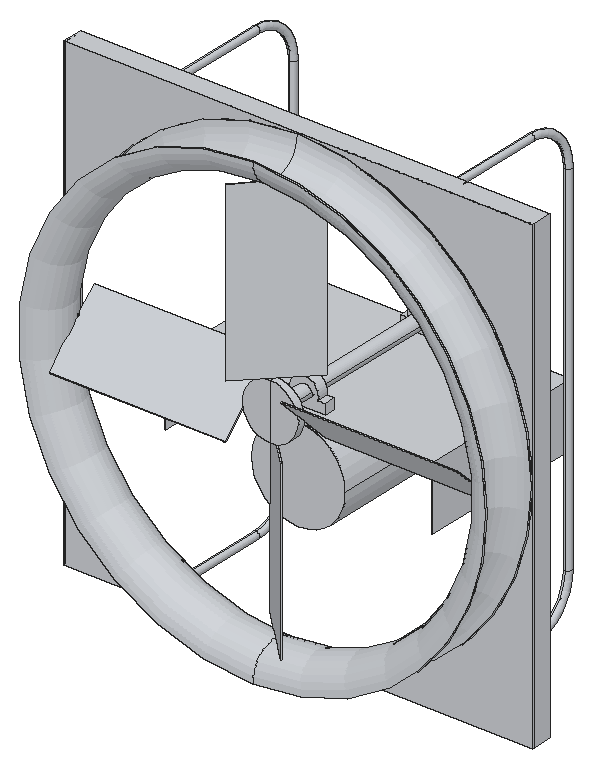
Revit family "XLWH_SUPPLY", category Mechanical Equipment, Revit 2019
Family settings
  Round Connector Dimension = Use Diameter
  Part Type = Normal
  Work Plane-Based = No
  Always vertical = Yes
  Cut with Voids When Loaded = No
  Shared = No
  Room Calculation Point = No
Parameters (values of type "60_XLWH_SUPPLY")
  Unit Weight [instance] = ""
  Sones [instance] = ""
  SIZE/2 = SIZE / 2  # 2' - 8 15/16"
  SIZE = D - 0' 0 1/8"  # 5' - 5 7/8"
  Motor RPM [instance] = ""
  Motor Enclosure [instance] = ""
  ModelID [instance] = ""
  MOTOR = D / 10  # 0' - 6.6"
  LwA [instance] = ""
  Fan RPM [instance] = ""
  D/2 = D / 2  # 2' - 9"
  D = 5' - 6"
  E/2 = E / 2  # 0' - 1 1/2"
  E = 0' - 3"
  C/2 = C / 2  # 0' - 3 15/16"
  C = 0' - 7 7/8"
  B/4 = B / 4  # 0' - 6 37/64"
  B/2 = B / 2  # 1' - 1 5/32"
  B = 2' - 2 5/16"
  Accessories [instance] = ""
  A/7 = A / 7  # 0' - 9.45536"
  A/3.5 = A / 3.5  # 1' - 6.91071"
  A/2 = A / 2  # 2' - 9 3/32"
  A = 5' - 6 3/16"
  9" = 0' - 9"  # constant formula
  4'6" = 4' - 6"  # constant formula
  3" = 0' - 3"  # constant formula
  Brake Hp [instance] = ""
  4" = 0' - 4"  # constant formula
  2' = 2' - 0"
  2" = 0' - 2"  # constant formula
  1" = 0' - 1"  # constant formula
  0 = 0' - 0"  # constant formula
  Voltage [instance] = 0 V
  URL = "www.lorencook.com"
  Type Comments = "Heavy Duty Low-Pressure Wall Supply Fan Steel Propeller Belt Drive"  # constant formula
  Static Pressure [instance] = 0.00 in-wg
  Power [instance] = Voltage * Motor FLA * sqrt(if(Phase = 3, 3, 1))  # 0 VA
  Phase [instance] = 0
  Number of Poles [instance] = 1
  Motor Hp [instance] = "0"
  Motor FLA [instance] = 0 A
  Model = "XLWH_Supply"  # constant formula
  Manufacturer = "Loren Cook Company"
  CFM [instance] = 0 CFM
  1.5 = 0' - 1 1/2"  # constant formula
  1/2 = 0' - 0 1/2"  # constant formula
  ONE EIGTH = 0' - 0 1/8"  # constant formula
  -D = -E  # -0' - 3"
  -C/2 = -C / 2  # -0' - 3 15/16"
  -B+1" = -B + 0' 2"  # -2' - 0 5/16"
  -B = -B  # -2' - 2 5/16"
  -((SIZE/2)-.25") = -((SIZE / 2) - 0' 0 1/4")  # -2' - 8 11/16"
  -((A/2)-C-.5") = -((A / 2) - C - 0' 0 1/2")  # -2' - 0 23/32"
  (SIZE/2)-.25" = (SIZE / 2) - 0' 0 1/4"  # 2' - 8 11/16"
  (D_SUP/2)-(C/2)-.125" = (D / 2) - (C / 2) - 0' 0 1/8"  # 2' - 4 15/16"
  (A/2)-C-.5" = (A / 2) - C - 0' 0 1/2"  # 2' - 0 23/32"
  (A/2)-1" = (A / 2) - 0' 0 1/4"  # 2' - 8 27/32"
Types (9): name | SIZE/2 | SIZE | MOTOR | D/2 | D | E/2 | E | C/2 | C | B/4 | B/2 | B | A/7 | A/3.5 | A/2 | A | -D | -C/2 | -B+1" | -B | -((SIZE/2)-.25") | -((A/2)-C-.5") | (SIZE/2)-.25" | (D_SUP/2)-(C/2)-.125" | (A/2)-C-.5" | (A/2)-1"
  (no name) | 2' - 8 15/16" | 5' - 5 7/8" | 0' - 6.6" | 2' - 9" | 5' - 6" | 0' - 1 1/2" | 0' - 3" | 0' - 3 15/16" | 0' - 7 7/8" | 0' - 6 37/64" | 1' - 1 5/32" | 2' - 2 5/16" | 0' - 9.45536" | 1' - 6.91071" | 2' - 9 3/32" | 5' - 6 3/16" | -0' - 3" | -0' - 3 15/16" | -2' - 0 5/16" | -2' - 2 5/16" | -2' - 8 11/16" | -2' - 0 23/32" | 2' - 8 11/16" | 2' - 4 15/16" | 2' - 0 23/32" | 2' - 8 27/32"
  24_XLWH_SUPPLY | 1' - 2 15/16" | 2' - 5 7/8" | 0' - 3" | 1' - 3" | 2' - 6" | 0' - 1 1/2" | 0' - 3" | 0' - 3 3/8" | 0' - 6 3/4" | 0' - 4 49/64" | 0' - 9 17/32" | 1' - 7 1/16" | 0' - 4 5/16" | 0' - 8 5/8" | 1' - 3 3/32" | 2' - 6 3/16" | -0' - 3" | -0' - 3 3/8" | -1' - 5 1/16" | -1' - 7 1/16" | -1' - 2 11/16" | -0' - 7 27/32" | 1' - 2 11/16" | 0' - 11 1/2" | 0' - 7 27/32" | 1' - 2 27/32"
  30_XLWH_SUPPLY | 1' - 5 15/16" | 2' - 11 7/8" | 0' - 3.6" | 1' - 6" | 3' - 0" | 0' - 1 1/2" | 0' - 3" | 0' - 3 3/8" | 0' - 6 3/4" | 0' - 4 49/64" | 0' - 9 17/32" | 1' - 7 1/16" | 0' - 5.16964" | 0' - 10.33929" | 1' - 6 3/32" | 3' - 0 3/16" | -0' - 3" | -0' - 3 3/8" | -1' - 5 1/16" | -1' - 7 1/16" | -1' - 5 11/16" | -0' - 10 27/32" | 1' - 5 11/16" | 1' - 2 1/2" | 0' - 10 27/32" | 1' - 5 27/32"
  36_XLWH_SUPPLY | 1' - 8 15/16" | 3' - 5 7/8" | 0' - 4.2" | 1' - 9" | 3' - 6" | 0' - 1 1/2" | 0' - 3" | 0' - 3 11/16" | 0' - 7 3/8" | 0' - 4 49/64" | 0' - 9 17/32" | 1' - 7 1/16" | 0' - 6.02679" | 1' - 0.05357" | 1' - 9 3/32" | 3' - 6 3/16" | -0' - 3" | -0' - 3 11/16" | -1' - 5 1/16" | -1' - 7 1/16" | -1' - 8 11/16" | -1' - 1 7/32" | 1' - 8 11/16" | 1' - 5 3/16" | 1' - 1 7/32" | 1' - 8 27/32"
  42_XLWH_SUPPLY | 1' - 11 15/16" | 3' - 11 7/8" | 0' - 4.8" | 2' - 0" | 4' - 0" | 0' - 1 1/2" | 0' - 3" | 0' - 3 25/32" | 0' - 7 9/16" | 0' - 5 11/64" | 0' - 10 11/32" | 1' - 8 11/16" | 0' - 6.88393" | 1' - 1.76786" | 2' - 0 3/32" | 4' - 0 3/16" | -0' - 3" | -0' - 3 25/32" | -1' - 6 11/16" | -1' - 8 11/16" | -1' - 11 11/16" | -1' - 4 1/32" | 1' - 11 11/16" | 1' - 8 3/32" | 1' - 4 1/32" | 1' - 11 27/32"
  48_XLWH_SUPPLY | 2' - 2 15/16" | 4' - 5 7/8" | 0' - 5.4" | 2' - 3" | 4' - 6" | 0' - 1 1/2" | 0' - 3" | 0' - 3 15/16" | 0' - 7 7/8" | 0' - 6 37/64" | 1' - 1 5/32" | 2' - 2 5/16" | 0' - 7.74107" | 1' - 3.48214" | 2' - 3 3/32" | 4' - 6 3/16" | -0' - 3" | -0' - 3 15/16" | -2' - 0 5/16" | -2' - 2 5/16" | -2' - 2 11/16" | -1' - 6 23/32" | 2' - 2 11/16" | 1' - 10 15/16" | 1' - 6 23/32" | 2' - 2 27/32"
  54_XLWH_SUPPLY | 2' - 5 15/16" | 4' - 11 7/8" | 0' - 6" | 2' - 6" | 5' - 0" | 0' - 1 1/2" | 0' - 3" | 0' - 3 7/8" | 0' - 7 3/4" | 0' - 6 37/64" | 1' - 1 5/32" | 2' - 2 5/16" | 0' - 8.59821" | 1' - 5.19643" | 2' - 6 3/32" | 5' - 0 3/16" | -0' - 3" | -0' - 3 7/8" | -2' - 0 5/16" | -2' - 2 5/16" | -2' - 5 11/16" | -1' - 9 27/32" | 2' - 5 11/16" | 2' - 2" | 1' - 9 27/32" | 2' - 5 27/32"
  60_XLWH_SUPPLY | 2' - 8 15/16" | 5' - 5 7/8" | 0' - 6.6" | 2' - 9" | 5' - 6" | 0' - 1 1/2" | 0' - 3" | 0' - 3 15/16" | 0' - 7 7/8" | 0' - 6 37/64" | 1' - 1 5/32" | 2' - 2 5/16" | 0' - 9.45536" | 1' - 6.91071" | 2' - 9 3/32" | 5' - 6 3/16" | -0' - 3" | -0' - 3 15/16" | -2' - 0 5/16" | -2' - 2 5/16" | -2' - 8 11/16" | -2' - 0 23/32" | 2' - 8 11/16" | 2' - 4 15/16" | 2' - 0 23/32" | 2' - 8 27/32"
  20_XLWH_Supply | 0' - 11 15/16" | 1' - 11 7/8" | 0' - 2.4" | 1' - 0" | 2' - 0" | 0' - 1" | 0' - 2" | 0' - 2 5/8" | 0' - 5 1/4" | 0' - 4 49/64" | 0' - 9 17/32" | 1' - 7 1/16" | 0' - 3.45536" | 0' - 6.91071" | 1' - 0 3/32" | 2' - 0 3/16" | -0' - 2" | -0' - 2 5/8" | -1' - 5 1/16" | -1' - 7 1/16" | -0' - 11 11/16" | -0' - 6 11/32" | 0' - 11 11/16" | 0' - 9 1/4" | 0' - 6 11/32" | 0' - 11 27/32"
Reference planes (in)
  plane 1 "Center (Front/Back)": y = 0
  plane 2: z = 0
  plane 3 "Center (Left/Right)": x = 0.40541
Forms (in)
  Revolve 1, solid
    sketch origin (0.40541, 0, 0) x (0, 1, 0) y (0, 0, 1)
      loop
        line (-4.9375, 3.9375) -> (-4.9375, 0) -> (-3.9375, 0) -> (-3.9375, 3.9375) -> (-4.9375, 3.9375)
      axis (-4.9375, 0) -> (-3.9375, 0)
    angle from 0 to 360
  Extrusion 2, solid
    sketch origin (0.40541, 0, 0) x (0, 1, 0) y (0, 0, 1)
      loop
        line (0, -3.9375) -> (-7.875, 3.9375) -> (-7.96339, 3.84911) -> (-0.08839, -4.02589) -> (0, -3.9375)
    from 48 to 3.9375 <- "C/2"
  Extrusion 3, solid
    sketch origin (0.40541, 0, 0) x (0, 1, 0) y (-1, 0, 0)
      loop
        line (0, -3.9375) -> (-7.875, 3.9375) -> (-7.96339, 3.84911) -> (-0.08839, -4.02589) -> (0, -3.9375)
    from 48 to 3.9375 <- "C/2"
  Extrusion 4, solid
    sketch origin (0.40541, 0, 0) x (0, 1, 0) y (0, 0, -1)
      loop
        line (0, -3.9375) -> (-7.875, 3.9375) -> (-7.96339, 3.84911) -> (-0.08839, -4.02589) -> (0, -3.9375)
    from 48 to 3.9375 <- "C/2"
  Extrusion 5, solid
    sketch origin (0.40541, 0, 0) x (1, 0, 0) y (0, 1, 0)
      loop
        line (-3.9375, 0) -> (-4.02589, -0.08839) -> (3.84911, -7.96339) -> (3.9375, -7.875) -> (-3.9375, 0)
    from -48 to -3.9375 <- "-C/2"
  Extrusion 6, void
    sketch origin (0, 0, 0) x (1, 0, 0) y (0, 0, 1)
      loop
        circle (0.40541, 0) r 28.9375
      loop
        circle (0.40541, 0) r 54
    from 0 to 10
  Extrusion 7, solid
    sketch origin (0, 0, 0) x (1, 0, 0) y (0, 0, 1)
      loop
        line (-32.68834, 33.09375) -> (-32.68834, -33.09375) -> (33.49916, -33.09375) -> (33.49916, 33.09375) -> (-32.68834, 33.09375)
      loop
        circle (0.40541, 0) r 33
    from 0 to -0.125
  Extrusion 8, solid
    sketch origin (0, 0, 0) x (1, 0, 0) y (0, 0, 1)
      loop
        line (-32.68834, 33.09375) -> (-32.68834, -33.09375) -> (33.49916, -33.09375) -> (33.49916, 33.09375) -> (-32.68834, 33.09375)
      loop
        line (33.37416, -32.96875) -> (33.37416, 32.96875) -> (-32.56334, 32.96875) -> (-32.56334, -32.96875) -> (33.37416, -32.96875)
    from 0 to -3 <- "-D"
  Extrusion 9, solid
    sketch origin (0, 0, 0) x (1, 0, 0) y (0, 0, 1)
      loop
        circle (0.40541, 0) r 1
    from 2 to -26.3125 <- "-B"
  Extrusion 10, solid
    sketch origin (0, 0, 0) x (1, 0, 0) y (0, 0, 1)
      loop
        line (-18.5053, -2) -> (-18.5053, -11) -> (-18.3803, -11) -> (-18.3803, -3.5) -> (19.19113, -3.5) -> (19.19113, -11) -> (19.31613, -11) -> (19.31613, -2) -> (-18.5053, -2)
    from 0 to -24.3125 <- "-B+1""
  Sweep 11, solid
    path origin (0.40541, 0, 0) x (0, 1, 0) y (0, 0, 1)
      loop
        line (0.125, 31.96875) -> (16.73437, 31.96875)
        arc (16.73437, 31.96875) -> (21.38581, 30.04206) -> (23.3125, 25.39062) r 6.57812
        line (23.3125, 25.39062) -> (23.3125, -25.39062)
        arc (23.3125, -25.39062) -> (21.38581, -30.04206) -> (16.73437, -31.96875) r 6.57812
        line (16.73437, -31.96875) -> (0.125, -31.96875)
    profile origin (0.40541, 8.42969, 31.96875) x (0, 0, 1) y (1, 0, 0)
      loop
        circle (0, -19.41071) r 0.5
      loop
        circle (0, 19.41071) r 0.5
  Revolve 12, solid
    sketch origin (0.40541, 0, 0) x (0, 1, 0) y (0, 0, 1)
      loop
        arc (-0.125, 33) -> (-4.0625, 29.0625) -> (-8, 33) r 3.9375
        line (-8, 33) -> (-8.125, 33)
        arc (-8.125, 33) -> (-4.0625, 28.9375) -> (0, 33) r 4.0625
        line (0, 33) -> (-0.125, 33)
      axis (-8.125, 0) -> (0, 0)
    angle from 0 to 360
  Extrusion 13, solid
    sketch origin (0, 24.3125, 0) x (-1, 0, 0) y (0, 0, 1)
      loop
        circle (-0.40541, -10.1) r 6.6
    from 0 to -24.3125 <- "-B+1""
  Extrusion 14, solid
    sketch origin (0, 26.3125, 0) x (-1, 0, 0) y (0, 0, 1)
      loop
        circle (-0.40541, -10.1) r 1
    from 0 to -2
  Extrusion 15, solid
    sketch origin (0, 24.3125, 0) x (-1, 0, 0) y (0, 0, 1)
      loop
        line (-3.40541, -0.5) -> (-3.40541, -2) -> (2.59459, -2) -> (2.59459, -0.5) -> (1.53108, -0.5)
        arc (1.53108, -0.5) -> (-0.40541, 2) -> (-2.3419, -0.5) r 2
        line (-2.3419, -0.5) -> (-3.40541, -0.5)
    from -2.5 to -1
  Extrusion 16, solid
    sketch origin (0, 0, 0) x (1, 0, 0) y (0, 0, 1)
      loop
        arc (2.3419, -0.5) -> (0.40541, 2) -> (-1.53108, -0.5) r 2
        line (-1.53108, -0.5) -> (-2.59459, -0.5) -> (-2.59459, -2) -> (3.40541, -2) -> (3.40541, -0.5) -> (2.3419, -0.5)
    from -2.5 to -1
Cuts and joins
  Extrusion 6 cuts Revolve 1
  Extrusion 6 cuts Extrusion 2
  Extrusion 6 cuts Extrusion 3
  Extrusion 6 cuts Extrusion 4
  Extrusion 6 cuts Extrusion 5
Dimensions and locks (in)
  "0": Revolve 1 sketch curve to level  (x2)
  "C/2": Revolve 1 sketch curve to level
  "C/2": plane 1 "Center (Front/Back)" to Revolve 1 sketch curve
  "1"": Revolve 1 sketch curve to Revolve 1 sketch curve
  "0": Extrusion 2 sketch curve to plane 1 "Center (Front/Back)"
  "C": plane 1 "Center (Front/Back)" to Extrusion 2 sketch curve
  "C/2": Extrusion 2 sketch curve to level
  "C/2": level to Extrusion 2 sketch curve
  "ONE EIGTH": Extrusion 2 sketch curve to Extrusion 2 sketch curve
  "ONE EIGTH": Extrusion 3 sketch curve to Extrusion 3 sketch curve
  "ONE EIGTH": Extrusion 4 sketch curve to Extrusion 4 sketch curve
  "ONE EIGTH": Extrusion 5 sketch curve to Extrusion 5 sketch curve
  Extrusion 6 sketch curve to plane 3 "Center (Left/Right)" = 0' - 0"  (x2)
  level to Extrusion 6 sketch curve = 0' - 0"
  Extrusion 6 sketch curve to level = 0' - 0"
  "0": Extrusion 3 sketch curve to plane 1 "Center (Front/Back)"
  "C": Extrusion 3 sketch curve to plane 1 "Center (Front/Back)"
  "C/2": plane 3 "Center (Left/Right)" to Extrusion 3 sketch curve
  "C/2": Extrusion 3 sketch curve to plane 3 "Center (Left/Right)"
  "C": plane 1 "Center (Front/Back)" to Extrusion 4 sketch curve
  "0": Extrusion 4 sketch curve to plane 1 "Center (Front/Back)"
  "C/2": level to Extrusion 4 sketch curve
  "C/2": Extrusion 4 sketch curve to level
  "0": Extrusion 5 sketch curve to plane 1 "Center (Front/Back)"
  "C": Extrusion 5 sketch curve to plane 1 "Center (Front/Back)"
  "C/2": plane 3 "Center (Left/Right)" to Extrusion 5 sketch curve
  "C/2": Extrusion 5 sketch curve to plane 3 "Center (Left/Right)"
  "A/2": plane 3 "Center (Left/Right)" to Extrusion 7 sketch curve
  "A/2": Extrusion 7 sketch curve to plane 3 "Center (Left/Right)"
  "A/2": Extrusion 7 sketch curve to level
  "A/2": level to Extrusion 7 sketch curve
  "0": Extrusion 7 sketch curve to level
  "0": Extrusion 7 sketch curve to plane 3 "Center (Left/Right)"
  "ONE EIGTH": Extrusion 8 sketch curve to Extrusion 8 sketch curve  (x4)
  "A/2": plane 3 "Center (Left/Right)" to Extrusion 8 sketch curve  (x2)
  "A/2": level to Extrusion 8 sketch curve
  "A/2": Extrusion 8 sketch curve to level
  "0": Extrusion 9 sketch curve to level
  "0": Extrusion 9 sketch curve to plane 3 "Center (Left/Right)"
  "2"": level to Extrusion 10 sketch curve
  "9"": Extrusion 10 sketch curve to Extrusion 10 sketch curve  (x2)
  "A/3.5": Extrusion 10 sketch curve to plane 3 "Center (Left/Right)"
  "A/3.5": plane 3 "Center (Left/Right)" to Extrusion 10 sketch curve
  "ONE EIGTH": Sweep 11 sketch curve to plane 1 "Center (Front/Back)"  (x2)
  "1"": Extrusion 8 to Sweep 11 sketch curve  (x2)
  "0": Sweep 11 sketch curve to profile plane  (x2)
  "1/2": Sweep 11 sketch curve to Extrusion 10  (x2)
  "0": Revolve 12 sketch curve to level
  "D/2": Revolve 12 sketch curve to level  (x2)
  "C": Revolve 12 sketch curve to Revolve 12 sketch curve
  "ONE EIGTH": plane 1 "Center (Front/Back)" to Revolve 12 sketch curve
  "ONE EIGTH": Revolve 12 sketch curve to Revolve 12 sketch curve  (x2)
  "0": Revolve 12 sketch curve to Revolve 12 sketch curve
  "ONE EIGTH": Extrusion 10 sketch curve to Extrusion 10 sketch curve  (x2)
  "1.5": Extrusion 10 sketch curve to Extrusion 10 sketch curve
  "1"": Extrusion 10 to Sweep 11 sketch curve
  "0": Extrusion 13 sketch curve to plane 3 "Center (Left/Right)"
  "MOTOR": Extrusion 13 sketch curve to Extrusion 10
  "0": Extrusion 14 sketch curve to plane 3 "Center (Left/Right)"
  "MOTOR": Extrusion 14 sketch curve to Extrusion 10
  "0": Extrusion 10 to Extrusion 15 sketch curve
  "1.5": Extrusion 15 sketch curve to Extrusion 15 sketch curve
  "3"": plane 3 "Center (Left/Right)" to Extrusion 15 sketch curve  (x2)
  "0": Extrusion 15 sketch curve to plane 3 "Center (Left/Right)"
  "0": level to Extrusion 15 sketch curve
  "0": Extrusion 16 sketch curve to plane 3 "Center (Left/Right)"
  "0": Extrusion 16 sketch curve to level
  "0": Extrusion 10 to Extrusion 16 sketch curve
  "1.5": Extrusion 10 to Extrusion 16 sketch curve
  "3"": plane 3 "Center (Left/Right)" to Extrusion 16 sketch curve  (x2)
  "(D_SUP/2)-(C/2)-.125"": radius of Extrusion 6 sketch curve
  "D/2": radius of Extrusion 7 sketch curve
  "1"": radius of Extrusion 9 sketch curve
  "B/4": radius of Sweep 11 sketch curve  (x2)
  "1/2": radius of Sweep 11 sketch curve  (x2)
  "MOTOR": radius of Extrusion 13 sketch curve
  "1"": radius of Extrusion 14 sketch curve
  "2"": radius of Extrusion 15 sketch curve
  "2"": radius of Extrusion 16 sketch curve
  "4'6"": radius of Extrusion 6 sketch curve
Automatic sketch dimensions
  Revolve 1 sketch curve to plane 1 "Center (Front/Back)" = 0' - 0"
  Revolve 1 sketch curve to Revolve 1 sketch curve = 2' - 2"
  plane 1 "Center (Front/Back)" to Revolve 12 sketch curve = 0' - 3 1/4"
  Revolve 12 sketch curve to Revolve 12 sketch curve = 0' - 1.44822"
  Extrusion 15 sketch curve to Extrusion 15 sketch curve = 0' - 1.06351"
  Extrusion 16 sketch curve to Extrusion 16 sketch curve = 0' - 1.06351"
  Extrusion 16 sketch curve to Extrusion 16 sketch curve = 0' - 0"  (x2)
Connectors (in)
  hvac at (0.40541, 3, 0), driven by "A", driven by "A", driven by "CFM"
    settings: on Extrusion 8, index 1, duct flow 0 CFM, flow factor 0, pres drop 0.00 in-wg, loss coef 0, conn angle 0.00°, conn width 66 3/16", conn height 66 3/16", conn diameter 24", duct sys type 1, conn prof type 1, flow config 0, flow direction 1, loss method 0, conn ref index -1, conn util no, is conn primary yes, conn desc ""
  electrical at (0.40541, 0, -10.1)
    settings: on Extrusion 13, index 2, voltage 0 V, apparent load 0 VA, apparent load phase1 0 VA, apparent load phase2 0 VA, apparent load phase3 0 VA, power factor 1, load classification "Other", number of poles 1, system type 30, power factor state 1, is connector primary yes, connector utility no, sub classification motor no, connector description ""
